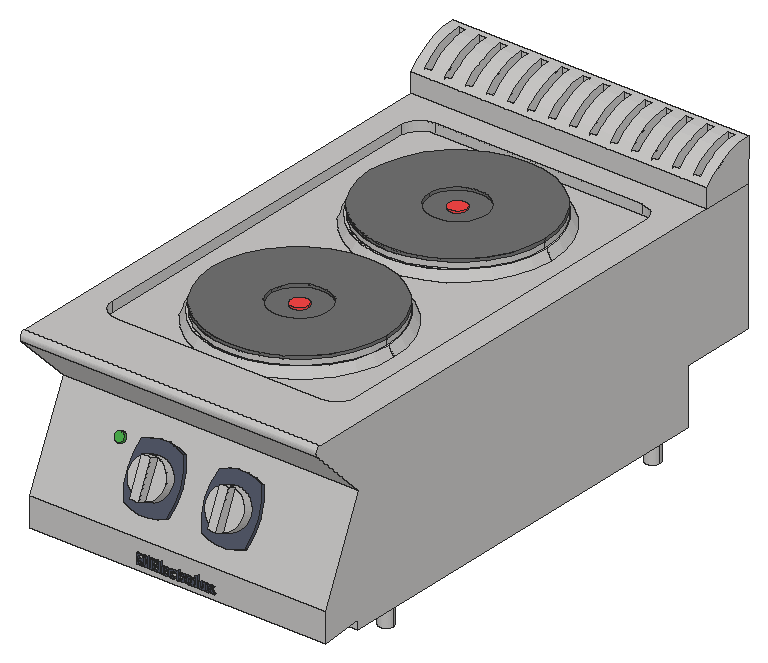
Revit family "QF_ELECTROLUXPROFESSIONAL_371146_E7ECMD2R05", category Specialty Equipment, Revit 2018
Family settings
  Round Connector Dimension = Use Diameter
  Part Type = Normal
  Work Plane-Based = No
  Always vertical = Yes
  Cut with Voids When Loaded = No
  Shared = No
  Room Calculation Point = No
Parameters (values of type "Standard")
  Weight = 20.00 kg
  Watts = 0 W
  Volts = 400 V
  URL Manufacturer = "http://professional.electrolux.com"
  URL = "http://professional.electrolux.com"
  Steam Supply Size = 0"
  Steam Supply Minimum Pressure = 0.00 psi
  Steam Supply Maximum Pressure = 0.00 psi
  Steam Pounds per Hour = 0
  Show Logo [instance] = yes
  Show Clearance [instance] = yes
  Refrigeration Suction Line Size = 0 mm
  Refrigeration Liquid Line Size = 0 mm
  Refrigerant Compressor Remote = yes
  Phase = 3
  Model = "E7ECMD2R05"
  Manufacturer = "Electrolux Professional"
  Length Actual = 400 mm  # constant formula
  Item Number = "371146"
  Hot Water Size = 0"
  Height Actual = 250 mm  # constant formula
  HP = "7 HP"
  Gas Size = 0"
  Gas KW = 0
  Gas Input Pressure = 0.0 Btu/h
  Direct Waste Size = 0"
  Description = "2-HOT PLATE EL.BOILING TOP 400MM-MAR400V"
  Depth Actual = 730 mm  # constant formula
  Cycle = 50 Hz
  Condensate Return Size = 0"
  Compressed Air Volume = 0 GPM
  Compressed Air Size = 0"
  Compressed Air Pressure = 0.00 psi
  Cold Water Size = 0"
  Assembly Code = ""
  Accessory = yes
Reference planes
  plane 1 "BACK": y = 0
  plane 2: z = 0
  plane 3 "LEFT": x = 0
  plane 4 "RIGHT": x = 400.05
  plane 5 "FRONT": y = -730.25
  plane 6 "TOP": z = 288.925
  plane 7 "Center Y": x = 200.025
  plane 8 "Center X": y = -365.125
  plane 9 "BASE": z = 23.813
  plane 10 "TOP A": z = 274.638
  plane 11: y = -597.884
  plane 12: y = -147.637
  plane 13: z = 331.8
Forms (mm)
  Extrusion 1, solid, material "QF_Finishes_Stainless Steel"
    sketch origin (0, 0, 0) x (0, 1, 0) y (0, 0, 1)
      loop
        line (0, 274.638) -> (-722.762, 274.638)
        arc (-722.762, 274.638) -> (-729.591, 270.074) -> (-727.988, 262.019) r 7.392
        line (-727.988, 262.019) -> (-657.416, 191.447) -> (-713.772, 69.003) -> (-713.772, 30.903) -> (-660.4, 36.513) -> (-660.4, 23.812) -> (-101.6, 23.812) -> (-101.6, 98.425) -> (0, 98.425) -> (0, 274.638)
    from 0 to 400.05
  Extrusion 2, solid, material "QF_Finishes_Stainless Steel"
    sketch origin (0, 0, 0) x (1, 0, 0) y (0, 1, 0)
      loop
        circle (11.112, -147.638) r 9.525
      loop
        circle (11.112, -597.884) r 9.525
      loop
        circle (388.937, -147.638) r 9.525
      loop
        circle (388.937, -597.884) r 9.525
    from 0 to 23.813
  Extrusion 3, solid, material "QF_Finishes_Navy Blue", visible <- "Show Logo"
    sketch origin (-141.676, -713.772, 30.903) x (0, 0, 1) y (-1, 0, 0)
      loop
        line (20.674, -296.698) -> (8.307, -296.698)
        arc (8.307, -296.698) -> (14.491, -301.27) -> (20.674, -296.698) r 6.467
      loop
        arc (20.674, -296.069) -> (19.505, -290.926) -> (14.849, -288.448) r 6.338
        line (14.849, -288.448) -> (14.849, -290.494)
        arc (14.849, -290.494) -> (16.333, -294.149) -> (19.778, -296.069) r 5.941
        line (19.778, -296.069) -> (20.674, -296.069)
      loop
        arc (9.203, -296.069) -> (12.648, -294.149) -> (14.132, -290.494) r 5.941
        line (14.132, -290.494) -> (14.132, -288.448)
        arc (14.132, -288.448) -> (9.438, -290.922) -> (8.148, -296.069) r 6.504
        line (8.148, -296.069) -> (9.203, -296.069)
      loop
        line (21.349, -287.979) -> (7.604, -287.979) -> (7.604, -301.742) -> (21.349, -301.742) -> (21.349, -287.979)
      loop
        arc (21.432, -304.71) -> (21.085, -304.352) -> (20.718, -304.69) r 0.358
        arc (20.718, -304.69) -> (20.404, -305.44) -> (19.687, -305.825) r 1.216
        line (19.687, -305.825) -> (9.274, -305.825)
        arc (9.274, -305.825) -> (8.614, -305.548) -> (8.218, -304.951) r 1.238
        arc (8.218, -304.951) -> (7.823, -304.7) -> (7.518, -305.054) r 0.358
        line (7.518, -305.054) -> (7.518, -314.933) -> (10.269, -314.933) -> (10.269, -314.036)
        arc (10.269, -314.036) -> (9.36, -313.456) -> (8.904, -312.479) r 1.928
        line (8.904, -312.479) -> (8.904, -309.98)
        arc (8.904, -309.98) -> (9.18, -309.251) -> (9.868, -308.887) r 1.101
        line (9.868, -308.887) -> (13.955, -308.887) -> (13.955, -312.561)
        arc (13.955, -312.561) -> (13.602, -313.058) -> (13.037, -313.286) r 1.083
        arc (13.037, -313.286) -> (12.773, -313.591) -> (13.065, -313.869) r 0.292
        line (13.065, -313.869) -> (16.028, -313.869)
        arc (16.028, -313.869) -> (16.33, -313.596) -> (16.092, -313.266) r 0.305
        arc (16.092, -313.266) -> (15.601, -313.018) -> (15.296, -312.561) r 1.083
        line (15.296, -312.561) -> (15.296, -308.887) -> (19.973, -308.887) -> (19.973, -312.635)
        arc (19.973, -312.635) -> (19.759, -313.39) -> (19.153, -313.888) r 1.314
        arc (19.153, -313.888) -> (18.934, -314.292) -> (19.288, -314.585) r 0.361
        line (19.288, -314.585) -> (21.432, -314.585) -> (21.432, -304.71)
      loop
        arc (20.715, -315.365) -> (20.335, -316.284) -> (19.416, -316.664) r 1.299
        line (19.416, -316.664) -> (9.837, -316.664)
        arc (9.837, -316.664) -> (8.999, -316.286) -> (8.728, -315.408) r 1.118
        line (8.728, -315.408) -> (7.518, -315.408) -> (7.518, -320.758) -> (8.706, -320.758)
        arc (8.706, -320.758) -> (8.978, -319.841) -> (9.848, -319.445) r 1.153
        line (9.848, -319.445) -> (21.92, -319.445) -> (20.715, -315.365)
      loop
        line (12.483, -323.394) -> (12.483, -329.842) -> (13.282, -329.842)
        arc (13.282, -329.842) -> (15.862, -328.857) -> (17.131, -326.404) r 3.874
        line (17.131, -326.404) -> (17.131, -324.643)
        arc (17.131, -324.643) -> (15.944, -321.778) -> (13.08, -320.592) r 4.051
        line (13.08, -320.592) -> (11.072, -320.592)
        arc (11.072, -320.592) -> (8.253, -322.077) -> (7.202, -325.084) r 4.352
        arc (7.202, -325.084) -> (7.566, -327.547) -> (8.943, -329.621) r 5.713
        line (8.943, -329.621) -> (9.892, -329.621)
        arc (9.892, -329.621) -> (9.16, -328.052) -> (8.943, -326.334) r 5.579
        arc (8.943, -326.334) -> (9.737, -324.371) -> (11.616, -323.394) r 3.057
        line (11.616, -323.394) -> (12.483, -323.394)
      loop
        line (13.742, -323.394) -> (13.742, -326.977)
        arc (13.742, -326.977) -> (15.199, -327.024) -> (16.082, -325.864) r 1.59
        line (16.082, -325.864) -> (16.082, -325.034)
        arc (16.082, -325.034) -> (15.217, -323.779) -> (13.742, -323.394) r 2.184
      loop
        arc (16.533, -339.259) -> (17.022, -337.585) -> (17.179, -335.848) r 9.023
        line (17.179, -335.848) -> (17.179, -334.486)
        arc (17.179, -334.486) -> (16.02, -331.686) -> (13.22, -330.527) r 3.959
        line (13.22, -330.527) -> (10.62, -330.527)
        arc (10.62, -330.527) -> (8.338, -331.819) -> (7.221, -334.192) r 4.331
        line (7.221, -334.192) -> (7.221, -336.327)
        arc (7.221, -336.327) -> (7.729, -337.877) -> (8.651, -339.223) r 5.772
        arc (8.651, -339.223) -> (9.412, -339.274) -> (9.499, -338.515) r 0.553
        arc (9.499, -338.515) -> (9.111, -337.781) -> (8.977, -336.962) r 2.573
        line (8.977, -336.962) -> (8.977, -335.447)
        arc (8.977, -335.447) -> (9.983, -333.806) -> (11.798, -333.163) r 2.884
        line (11.798, -333.163) -> (13.077, -333.163)
        arc (13.077, -333.163) -> (14.898, -333.723) -> (15.824, -335.388) r 2.554
        line (15.824, -335.388) -> (15.824, -336.441)
        arc (15.824, -336.441) -> (15.493, -337.369) -> (14.836, -338.104) r 2.564
        arc (14.836, -338.104) -> (14.614, -338.821) -> (15.223, -339.259) r 0.643
        line (15.223, -339.259) -> (16.533, -339.259)
      loop
        line (15.515, -339.53) -> (15.515, -341.031) -> (9.467, -341.031)
        arc (9.467, -341.031) -> (7.879, -341.688) -> (7.221, -343.276) r 2.246
        line (7.221, -343.276) -> (7.221, -344.86)
        arc (7.221, -344.86) -> (7.535, -345.725) -> (8.035, -346.496) r 4.06
        arc (8.035, -346.496) -> (8.768, -346.629) -> (9.019, -345.928) r 0.576
        arc (9.019, -345.928) -> (8.913, -345.403) -> (8.977, -344.87) r 1.69
        arc (8.977, -344.87) -> (9.519, -344.082) -> (10.425, -343.779) r 1.506
        line (10.425, -343.779) -> (15.563, -343.779) -> (15.563, -346.176) -> (16.119, -346.733) -> (16.941, -346.733) -> (16.941, -343.873) -> (20.172, -343.873) -> (15.515, -339.53)
      loop
        line (7.438, -347.63) -> (7.438, -353.017) -> (8.548, -353.017)
        arc (8.548, -353.017) -> (8.942, -352.066) -> (9.893, -351.672) r 1.345
        line (9.893, -351.672) -> (13.509, -351.672)
        arc (13.509, -351.672) -> (14.274, -352.264) -> (14.564, -353.186) r 1.615
        line (14.564, -353.186) -> (14.564, -354.742) -> (17.119, -355.427) -> (17.119, -354.044) -> (15.177, -351.485) -> (17.057, -351.485) -> (16.773, -348.779)
        arc (16.773, -348.779) -> (16.333, -348.249) -> (15.674, -348.45) r 0.621
        arc (15.674, -348.45) -> (15.274, -348.792) -> (14.78, -348.975) r 1.501
        line (14.78, -348.975) -> (9.893, -348.975)
        arc (9.893, -348.975) -> (8.942, -348.581) -> (8.548, -347.63) r 1.345
        line (8.548, -347.63) -> (7.438, -347.63)
      loop
        line (13.54, -354.964) -> (10.848, -354.964)
        arc (10.848, -354.964) -> (8.403, -356.272) -> (7.269, -358.803) r 4.288
        arc (7.269, -358.803) -> (7.205, -360.183) -> (7.269, -361.563) r 15.022
        arc (7.269, -361.563) -> (8.403, -364.094) -> (10.848, -365.401) r 4.288
        line (10.848, -365.401) -> (13.54, -365.401)
        arc (13.54, -365.401) -> (15.986, -364.094) -> (17.119, -361.563) r 4.288
        arc (17.119, -361.563) -> (17.183, -360.183) -> (17.119, -358.803) r 15.022
        arc (17.119, -358.803) -> (15.986, -356.272) -> (13.54, -354.964) r 4.288
      loop
        line (13.745, -358.078) -> (10.643, -358.078)
        arc (10.643, -358.078) -> (8.486, -360.235) -> (10.643, -362.392) r 2.157
        line (10.643, -362.392) -> (13.745, -362.392)
        arc (13.745, -362.392) -> (15.902, -360.235) -> (13.745, -358.078) r 2.157
      loop
        arc (20.726, -365.26) -> (20.355, -366.154) -> (19.461, -366.524) r 1.264
        line (19.461, -366.524) -> (9.597, -366.524)
        arc (9.597, -366.524) -> (8.727, -366.127) -> (8.455, -365.211) r 1.153
        line (8.455, -365.211) -> (7.518, -365.211) -> (7.518, -370.319) -> (8.446, -370.319)
        arc (8.446, -370.319) -> (8.805, -369.547) -> (9.597, -369.232) r 1.153
        line (9.597, -369.232) -> (21.92, -369.232) -> (20.726, -365.26)
      loop
        arc (15.846, -369.857) -> (15.647, -370.921) -> (14.678, -371.403) r 1.215
        line (14.678, -371.403) -> (9.658, -371.403)
        arc (9.658, -371.403) -> (8.043, -372.051) -> (7.322, -373.634) r 2.338
        line (7.322, -373.634) -> (7.322, -375.148)
        arc (7.322, -375.148) -> (7.497, -376.152) -> (7.999, -377.038) r 2.979
        line (7.999, -377.038) -> (7.518, -378.835) -> (7.518, -380.524) -> (16.943, -380.524) -> (16.649, -376.32) -> (15.863, -376.32)
        arc (15.863, -376.32) -> (15.507, -377.156) -> (14.755, -377.665) r 1.605
        line (14.755, -377.665) -> (9.652, -377.665)
        arc (9.652, -377.665) -> (9.232, -376.728) -> (9.159, -375.704) r 2.94
        arc (9.159, -375.704) -> (9.72, -374.603) -> (10.873, -374.16) r 1.724
        line (10.873, -374.16) -> (17.07, -374.16) -> (15.846, -369.857)
      loop
        line (16.874, -381.377) -> (15.202, -383.423) -> (12.028, -385.729) -> (8.572, -382.617)
        arc (8.572, -382.617) -> (8.335, -382.223) -> (8.357, -381.764) r 0.789
        line (8.357, -381.764) -> (7.518, -381.764) -> (7.518, -385.309) -> (8.344, -385.309)
        arc (8.344, -385.309) -> (8.686, -384.947) -> (9.176, -385.039) r 0.52
        line (9.176, -385.039) -> (10.976, -386.51) -> (8.858, -387.886)
        arc (8.858, -387.886) -> (8.457, -387.576) -> (8.37, -387.076) r 0.7
        line (8.37, -387.076) -> (7.518, -387.076) -> (7.518, -393.003) -> (8.405, -393.003)
        arc (8.405, -393.003) -> (8.472, -392.344) -> (8.866, -391.813) r 1.247
        line (8.866, -391.813) -> (13.066, -388.532) -> (15.513, -390.585) -> (16.874, -392.327) -> (16.874, -388.604) -> (15.389, -389.026) -> (13.868, -387.749) -> (15.568, -386.559) -> (16.874, -387.336) -> (16.874, -381.377)
    from 0 to 1.644
  Extrusion 4, solid, material "QF_Finishes_Stainless Steel"
    sketch origin (0, -101.6, 101.6) x (0, 0, -1) y (-1, 0, 0)
      loop
        circle (41.275, -347.663) r 12.7
    from 0 to 3.175
  Extrusion 5, solid, material "QF_Finishes_Clearance", visible <- "Show Clearance", detail levels coarse
    sketch origin (0, 0, 0) x (1, 0, 0) y (0, 1, 0)
      loop
        line (0, -730.25) -> (0, 0) -> (400.05, 0) -> (400.05, -730.25) -> (550.069, -730.25) -> (550.069, 150.019) -> (-150.019, 150.019) -> (-150.019, -730.25) -> (0, -730.25)
    from 0 to 331.8
  Extrusion 6, solid, material "QF_Finishes_Stainless Steel"
    sketch origin (0, 0, 0) x (0, 1, 0) y (0, 0, 1)
      loop
        line (0, 274.638) -> (0, 331.8)
        arc (0, 331.8) -> (-38.462, 323.697) -> (-69.85, 300.038) r 90.405
        line (-69.85, 300.038) -> (-69.85, 274.638) -> (0, 274.638)
    from 0 to 400.05
  Extrusion 7, void
    sketch origin (0, 0, 274.638) x (-1, 0, 0) y (0, -1, 0)
      loop
        line (-13.453, 6.761) -> (-13.453, 63.911) -> (-22.749, 63.911) -> (-22.749, 6.761) -> (-13.453, 6.761)
    from 25.4 to 63.5
  Extrusion 8, void
    sketch origin (400.05, 0, 274.638) x (1, 0, 0) y (0, 1, 0)
      loop
        line (-13.453, -6.761) -> (-22.749, -6.761) -> (-22.749, -63.911) -> (-13.453, -63.911) -> (-13.453, -6.761)
    from 25.4 to 63.5
  Extrusion 9, void
    sketch origin (27.988, 0, 274.638) x (-1, 0, 0) y (0, -1, 0)
      loop
        line (-13.453, 6.761) -> (-13.453, 63.911) -> (-22.749, 63.911) -> (-22.749, 6.761) -> (-13.453, 6.761)
    from 25.4 to 63.5
  Extrusion 10, void
    sketch origin (55.977, 0, 274.638) x (-1, 0, 0) y (0, -1, 0)
      loop
        line (-13.453, 6.761) -> (-13.453, 63.911) -> (-22.749, 63.911) -> (-22.749, 6.761) -> (-13.453, 6.761)
    from 25.4 to 63.5
  Extrusion 11, void
    sketch origin (83.965, 0, 274.638) x (-1, 0, 0) y (0, -1, 0)
      loop
        line (-13.453, 6.761) -> (-13.453, 63.911) -> (-22.749, 63.911) -> (-22.749, 6.761) -> (-13.453, 6.761)
    from 25.4 to 63.5
  Extrusion 12, void
    sketch origin (111.953, 0, 274.638) x (-1, 0, 0) y (0, -1, 0)
      loop
        line (-13.453, 6.761) -> (-13.453, 63.911) -> (-22.749, 63.911) -> (-22.749, 6.761) -> (-13.453, 6.761)
    from 25.4 to 63.5
  Extrusion 13, void
    sketch origin (139.942, 0, 274.638) x (-1, 0, 0) y (0, -1, 0)
      loop
        line (-13.453, 6.761) -> (-13.453, 63.911) -> (-22.749, 63.911) -> (-22.749, 6.761) -> (-13.453, 6.761)
    from 25.4 to 63.5
  Extrusion 14, void
    sketch origin (167.93, 0, 274.638) x (-1, 0, 0) y (0, -1, 0)
      loop
        line (-13.453, 6.761) -> (-13.453, 63.911) -> (-22.749, 63.911) -> (-22.749, 6.761) -> (-13.453, 6.761)
    from 25.4 to 63.5
  Extrusion 15, void
    sketch origin (195.918, 0, 274.638) x (-1, 0, 0) y (0, -1, 0)
      loop
        line (-13.453, 6.761) -> (-13.453, 63.911) -> (-22.749, 63.911) -> (-22.749, 6.761) -> (-13.453, 6.761)
    from 25.4 to 63.5
  Extrusion 16, void
    sketch origin (223.907, 0, 274.638) x (-1, 0, 0) y (0, -1, 0)
      loop
        line (-13.453, 6.761) -> (-13.453, 63.911) -> (-22.749, 63.911) -> (-22.749, 6.761) -> (-13.453, 6.761)
    from 25.4 to 63.5
  Extrusion 17, void
    sketch origin (251.895, 0, 274.638) x (-1, 0, 0) y (0, -1, 0)
      loop
        line (-13.453, 6.761) -> (-13.453, 63.911) -> (-22.749, 63.911) -> (-22.749, 6.761) -> (-13.453, 6.761)
    from 25.4 to 63.5
  Extrusion 18, void
    sketch origin (279.884, 0, 274.638) x (-1, 0, 0) y (0, -1, 0)
      loop
        line (-13.453, 6.761) -> (-13.453, 63.911) -> (-22.749, 63.911) -> (-22.749, 6.761) -> (-13.453, 6.761)
    from 25.4 to 63.5
  Extrusion 19, void
    sketch origin (307.872, 0, 274.638) x (-1, 0, 0) y (0, -1, 0)
      loop
        line (-13.453, 6.761) -> (-13.453, 63.911) -> (-22.749, 63.911) -> (-22.749, 6.761) -> (-13.453, 6.761)
    from 25.4 to 63.5
  Extrusion 20, void
    sketch origin (335.86, 0, 274.638) x (-1, 0, 0) y (0, -1, 0)
      loop
        line (-13.453, 6.761) -> (-13.453, 63.911) -> (-22.749, 63.911) -> (-22.749, 6.761) -> (-13.453, 6.761)
    from 25.4 to 63.5
  Extrusion 21, solid, material "QF_Finishes_Navy Blue"
    sketch origin (-13.506, -713.772, 69.003) x (0, 0.418102, 0.9084) y (-1, 0, 0)
      loop
        arc (102.623, -132.62) -> (67.041, -124.996) -> (31.333, -132.003) r 90.5
        arc (31.333, -132.003) -> (24.507, -161.19) -> (31.333, -190.378) r 65.817
        arc (31.333, -190.378) -> (67.04, -197.338) -> (102.623, -189.765) r 91.066
        arc (102.623, -189.765) -> (109.179, -161.193) -> (102.623, -132.62) r 65.546
    from 0 to 3.175
  Extrusion 22, solid, material "QF_Finishes_Stainless Steel"
    sketch origin (-13.506, -717.485, 68.529) x (0, 0.418102, 0.9084) y (-1, 0, 0)
      loop
        circle (68.826, -160.963) r 25.4
    from 0 to 12.7
  Extrusion 23, solid, material "QF_Finishes_Stainless Steel"
    sketch origin (-13.506, -729.022, 73.839) x (0, 0.418102, 0.9084) y (-1, 0, 0)
      loop
        arc (93.558, -166.749) -> (94.226, -160.963) -> (93.558, -155.177) r 25.4
        line (93.558, -155.177) -> (44.094, -155.177)
        arc (44.094, -155.177) -> (43.426, -160.963) -> (44.094, -166.749) r 25.4
        line (44.094, -166.749) -> (93.558, -166.749)
    from 0 to 12.7
  Extrusion 24, solid, material "QF_Finishes_Green"
    sketch origin (0.781, -713.772, 69.003) x (0, 0.418102, 0.9084) y (-1, 0, 0)
      loop
        circle (95.112, -90.848) r 6.35
    from 0 to 3.175
  Extrusion 25, void
    sketch origin (0, 0, 274.638) x (1, 0, 0) y (0, -1, 0)
      loop
        line (60.425, 104.885) -> (339.625, 104.885)
        arc (339.625, 104.885) -> (357.586, 112.324) -> (365.025, 130.285) r 25.4
        line (365.025, 130.285) -> (365.025, 619.485)
        arc (365.025, 619.485) -> (357.586, 637.445) -> (339.625, 644.885) r 25.4
        line (339.625, 644.885) -> (60.425, 644.885)
        arc (60.425, 644.885) -> (42.464, 637.445) -> (35.025, 619.485) r 25.4
        line (35.025, 619.485) -> (35.025, 130.285)
        arc (35.025, 130.285) -> (42.464, 112.324) -> (60.425, 104.885) r 25.4
    from 0 to 12.7
  Extrusion 26, solid, material "QF_Finishes_Navy Blue"
    sketch origin (91.63, -713.772, 69.003) x (0, 0.418102, 0.9084) y (-1, 0, 0)
      loop
        arc (102.623, -132.62) -> (67.041, -124.996) -> (31.333, -132.003) r 90.5
        arc (31.333, -132.003) -> (24.507, -161.19) -> (31.333, -190.378) r 65.817
        arc (31.333, -190.378) -> (67.04, -197.338) -> (102.623, -189.765) r 91.066
        arc (102.623, -189.765) -> (109.179, -161.193) -> (102.623, -132.62) r 65.546
    from 0 to 3.175
  Extrusion 27, solid, material "QF_Finishes_Stainless Steel"
    sketch origin (91.63, -717.485, 68.529) x (0, 0.418102, 0.9084) y (-1, 0, 0)
      loop
        circle (68.826, -160.963) r 25.4
    from 0 to 12.7
  Extrusion 28, solid, material "QF_Finishes_Stainless Steel"
    sketch origin (91.63, -729.022, 73.839) x (0, 0.418102, 0.9084) y (-1, 0, 0)
      loop
        arc (93.558, -166.749) -> (94.226, -160.963) -> (93.558, -155.177) r 25.4
        line (93.558, -155.177) -> (44.094, -155.177)
        arc (44.094, -155.177) -> (43.426, -160.963) -> (44.094, -166.749) r 25.4
        line (44.094, -166.749) -> (93.558, -166.749)
    from 0 to 12.7
Cuts and joins
  Extrusion 7, Extrusion 8, Extrusion 9, Extrusion 10, Extrusion 11, Extrusion 12, Extrusion 13, Extrusion 14, Extrusion 15, Extrusion 16, Extrusion 17, Extrusion 18, Extrusion 19, Extrusion 20 cuts Extrusion 6
  Extrusion 25 cuts Extrusion 1
Lines and regions (mm)
  symbolic lines, style "QF-Clearances", visible <- "Show Clearance", detail levels coarse
    curve 1: line (550.069, 150.019, 274.638) -> (-150.019, 150.019, 274.638)
    curve 2: line (550.069, -731.627, 274.638) -> (550.069, 150.019, 274.638)
    curve 3: line (-150.019, 150.019, 274.638) -> (-150.019, -730.25, 274.638)
    curve 4: line (550.069, 150.019, 274.638) -> (-150.019, 150.019, 274.638)
    curve 5: line (550.069, -730.25, 274.638) -> (550.069, 150.019, 274.638)
  symbolic lines
    curve 6: line (0, 0, 274.638) -> (400.05, 0, 274.638)
    curve 7: line (0, -730.25, 274.638) -> (0, 0, 274.638)
    curve 8: line (400.05, 0, 274.638) -> (400.05, -730.25, 274.638)
    curve 9: line (0, -69.85, 274.638) -> (400.05, -69.85, 274.638)
    curve 10: line (13.453, -6.761, 274.638) -> (22.749, -6.761, 274.638)
    curve 11: line (13.453, -63.911, 274.638) -> (13.453, -6.761, 274.638)
    curve 12: line (22.749, -63.911, 274.638) -> (13.453, -63.911, 274.638)
    curve 13: line (22.749, -6.761, 274.638) -> (22.749, -63.911, 274.638)
    curve 14: line (41.441, -6.761, 274.638) -> (50.737, -6.761, 274.638)
    curve 15: line (41.441, -63.911, 274.638) -> (41.441, -6.761, 274.638)
    curve 16: line (50.737, -63.911, 274.638) -> (41.441, -63.911, 274.638)
    curve 17: line (50.737, -6.761, 274.638) -> (50.737, -63.911, 274.638)
    curve 18: line (69.43, -6.761, 274.638) -> (78.725, -6.761, 274.638)
    curve 19: line (69.43, -63.911, 274.638) -> (69.43, -6.761, 274.638)
    curve 20: line (78.725, -63.911, 274.638) -> (69.43, -63.911, 274.638)
    curve 21: line (78.725, -6.761, 274.638) -> (78.725, -63.911, 274.638)
    curve 22: line (97.418, -6.761, 274.638) -> (106.714, -6.761, 274.638)
    curve 23: line (97.418, -63.911, 274.638) -> (97.418, -6.761, 274.638)
    curve 24: line (106.714, -63.911, 274.638) -> (97.418, -63.911, 274.638)
    curve 25: line (106.714, -6.761, 274.638) -> (106.714, -63.911, 274.638)
    curve 26: line (125.406, -6.761, 274.638) -> (134.702, -6.761, 274.638)
    curve 27: line (125.406, -63.911, 274.638) -> (125.406, -6.761, 274.638)
    curve 28: line (134.702, -63.911, 274.638) -> (125.406, -63.911, 274.638)
    curve 29: line (134.702, -6.761, 274.638) -> (134.702, -63.911, 274.638)
    curve 30: line (153.395, -6.761, 274.638) -> (162.69, -6.761, 274.638)
    curve 31: line (153.395, -63.911, 274.638) -> (153.395, -6.761, 274.638)
    curve 32: line (162.69, -63.911, 274.638) -> (153.395, -63.911, 274.638)
    curve 33: line (162.69, -6.761, 274.638) -> (162.69, -63.911, 274.638)
    curve 34: line (181.383, -6.761, 274.638) -> (190.679, -6.761, 274.638)
    curve 35: line (181.383, -63.911, 274.638) -> (181.383, -6.761, 274.638)
    curve 36: line (190.679, -63.911, 274.638) -> (181.383, -63.911, 274.638)
    curve 37: line (190.679, -6.761, 274.638) -> (190.679, -63.911, 274.638)
    curve 38: line (209.371, -6.761, 274.638) -> (218.667, -6.761, 274.638)
    curve 39: line (209.371, -63.911, 274.638) -> (209.371, -6.761, 274.638)
    curve 40: line (218.667, -63.911, 274.638) -> (209.371, -63.911, 274.638)
    curve 41: line (218.667, -6.761, 274.638) -> (218.667, -63.911, 274.638)
    curve 42: line (237.36, -6.761, 274.638) -> (246.655, -6.761, 274.638)
    curve 43: line (237.36, -63.911, 274.638) -> (237.36, -6.761, 274.638)
    curve 44: line (246.655, -63.911, 274.638) -> (237.36, -63.911, 274.638)
    curve 45: line (246.655, -6.761, 274.638) -> (246.655, -63.911, 274.638)
    curve 46: line (265.348, -6.761, 274.638) -> (274.644, -6.761, 274.638)
    curve 47: line (265.348, -63.911, 274.638) -> (265.348, -6.761, 274.638)
    curve 48: line (274.644, -63.911, 274.638) -> (265.348, -63.911, 274.638)
    curve 49: line (274.644, -6.761, 274.638) -> (274.644, -63.911, 274.638)
    curve 50: line (293.336, -6.761, 274.638) -> (302.632, -6.761, 274.638)
    curve 51: line (293.336, -63.911, 274.638) -> (293.336, -6.761, 274.638)
    curve 52: line (302.632, -63.911, 274.638) -> (293.336, -63.911, 274.638)
    curve 53: line (302.632, -6.761, 274.638) -> (302.632, -63.911, 274.638)
    curve 54: line (321.325, -6.761, 274.638) -> (330.62, -6.761, 274.638)
    curve 55: line (321.325, -63.911, 274.638) -> (321.325, -6.761, 274.638)
    curve 56: line (330.62, -63.911, 274.638) -> (321.325, -63.911, 274.638)
    curve 57: line (330.62, -6.761, 274.638) -> (330.62, -63.911, 274.638)
    curve 58: line (349.313, -6.761, 274.638) -> (358.609, -6.761, 274.638)
    curve 59: line (349.313, -63.911, 274.638) -> (349.313, -6.761, 274.638)
    curve 60: line (358.609, -63.911, 274.638) -> (349.313, -63.911, 274.638)
    curve 61: line (358.609, -6.761, 274.638) -> (358.609, -63.911, 274.638)
    curve 62: line (377.301, -6.761, 274.638) -> (386.597, -6.761, 274.638)
    curve 63: line (377.301, -63.911, 274.638) -> (377.301, -6.761, 274.638)
    curve 64: line (386.597, -63.911, 274.638) -> (377.301, -63.911, 274.638)
    curve 65: line (386.597, -6.761, 274.638) -> (386.597, -63.911, 274.638)
    curve 66: line (400.05, -730.25, 274.638) -> (0, -730.25, 274.638)
    curve 67: line (35.025, -619.485, 0) -> (35.025, -130.285, 0)
    curve 68: arc (35.025, -130.285, 0) -> (42.464, -112.324, 0) -> (60.425, -104.885, 0) r 25.4
    curve 69: line (60.425, -104.885, 0) -> (339.625, -104.885, 0)
    curve 70: arc (339.625, -104.885, 0) -> (357.586, -112.324, 0) -> (365.025, -130.285, 0) r 25.4
    curve 71: line (365.025, -130.285, 0) -> (365.025, -619.485, 0)
    curve 72: arc (365.025, -619.485, 0) -> (357.586, -637.445, 0) -> (339.625, -644.885, 0) r 25.4
    curve 73: line (339.625, -644.885, 0) -> (60.425, -644.885, 0)
    curve 74: arc (60.425, -644.885, 0) -> (42.464, -637.445, 0) -> (35.025, -619.485, 0) r 25.4
Dimensions and locks
  equal spacing: plane 3 "LEFT", plane 7 "Center Y", plane 4 "RIGHT"
  plane 3 "LEFT" to plane 4 "RIGHT" = 400.05 mm
  equal spacing: plane 5 "FRONT", plane 8 "Center X", plane 1 "BACK"
  plane 5 "FRONT" to plane 1 "BACK" = 730.25 mm
  plane 1 "BACK" to plane 5 "FRONT" = 730.25 mm
  plane 9 "BASE" to level = 23.812 mm
  locked: plane 10 "TOP A" to plane 9 "BASE" at 250.825
  plane 10 "TOP A" to plane 9 "BASE" = 250.825 mm
  plane 9 "BASE" to level = 23.813 mm
  plane 4 "RIGHT" to Extrusion 4 sketch curve = 52.388 mm
  plane 13 to level = 331.8 mm
  Extrusion 4 sketch curve to plane 9 "BASE" = 36.513 mm
  aligned and locked: level to plane 2
Automatic sketch dimensions
  plane 4 "RIGHT" to curve 2 = 150.019 mm
  curve 1 to plane 3 "LEFT" = 150.019 mm
  curve 1 to plane 1 "BACK" = 150.019 mm
  plane 5 "FRONT" to curve 2 = 1.377 mm
  Extrusion 1 sketch curve to plane 10 "TOP A" = 0 mm
  Extrusion 1 sketch curve to plane 9 "BASE" = 0 mm
  Extrusion 1 sketch curve to plane 1 "BACK" = 0 mm
  Extrusion 1 sketch curve to plane 12 = 46.038 mm
  plane 11 to Extrusion 1 sketch curve = 59.531 mm
  plane 9 "BASE" to Extrusion 1 sketch curve = 12.7 mm
  plane 11 to Extrusion 1 sketch curve = 62.516 mm
  Extrusion 1 sketch curve to plane 5 "FRONT" = 16.478 mm
  Extrusion 1 sketch curve to plane 5 "FRONT" = 7.488 mm
  Extrusion 1 sketch curve to plane 5 "FRONT" = 2.262 mm
  plane 9 "BASE" to Extrusion 1 sketch curve = 7.09 mm
  Extrusion 1 sketch curve to Extrusion 1 sketch curve = 38.1 mm
  plane 9 "BASE" to Extrusion 1 sketch curve = 74.612 mm
  Extrusion 1 sketch curve to plane 10 "TOP A" = 83.191 mm
  Extrusion 1 sketch curve to plane 10 "TOP A" = 12.619 mm
  plane 11 to Extrusion 2 sketch curve = 0 mm  (x2)
  plane 12 to Extrusion 2 sketch curve = 0 mm  (x2)
  plane 3 "LEFT" to Extrusion 2 sketch curve = 11.112 mm  (x2)
  Extrusion 2 sketch curve to plane 4 "RIGHT" = 11.113 mm  (x2)
  Extrusion 3 sketch curve to Extrusion 1 = 2.161 mm
  Extrusion 3 sketch curve to Extrusion 1 = 7.202 mm
  Extrusion 3 sketch curve to Extrusion 1 = 7.221 mm  (x2)
  Extrusion 3 sketch curve to Extrusion 3 sketch curve = 5.108 mm  (x2)
  Extrusion 3 sketch curve to Extrusion 3 sketch curve = 0 mm  (x27)
  Extrusion 3 sketch curve to Extrusion 1 = 7.322 mm
  Extrusion 3 sketch curve to Extrusion 3 sketch curve = 0.218 mm
  Extrusion 3 sketch curve to Extrusion 3 sketch curve = 0.195 mm
  Extrusion 3 sketch curve to Extrusion 3 sketch curve = 0.249 mm
  Extrusion 3 sketch curve to Extrusion 1 = 7.518 mm
  Extrusion 3 sketch curve to Extrusion 3 sketch curve = 0.087 mm
  Extrusion 3 sketch curve to Extrusion 3 sketch curve = 0.358 mm
  Extrusion 3 sketch curve to Extrusion 3 sketch curve = 0.481 mm
  Extrusion 3 sketch curve to Extrusion 3 sketch curve = 0.597 mm
  Extrusion 3 sketch curve to Extrusion 3 sketch curve = 0.544 mm
  Extrusion 3 sketch curve to Extrusion 3 sketch curve = 0.936 mm
  Extrusion 3 sketch curve to Extrusion 3 sketch curve = 0.594 mm
  Extrusion 3 sketch curve to Extrusion 3 sketch curve = 0.343 mm
  Extrusion 3 sketch curve to Extrusion 3 sketch curve = 0.159 mm
  Extrusion 3 sketch curve to Extrusion 3 sketch curve = 0.826 mm
  Extrusion 3 sketch curve to Extrusion 3 sketch curve = 0.839 mm
  Extrusion 3 sketch curve to Extrusion 3 sketch curve = 0.852 mm
  Extrusion 3 sketch curve to Extrusion 3 sketch curve = 0.887 mm
  Extrusion 3 sketch curve to Extrusion 3 sketch curve = 0.928 mm
  Extrusion 3 sketch curve to Extrusion 3 sketch curve = 0.938 mm
  Extrusion 3 sketch curve to Extrusion 3 sketch curve = 0.444 mm
  Extrusion 3 sketch curve to Extrusion 3 sketch curve = 1.11 mm  (x3)
  Extrusion 3 sketch curve to Extrusion 3 sketch curve = 0.215 mm
  Extrusion 3 sketch curve to Extrusion 3 sketch curve = 1.43 mm
  Extrusion 3 sketch curve to Extrusion 3 sketch curve = 1.188 mm
  Extrusion 3 sketch curve to Extrusion 3 sketch curve = 1.21 mm  (x2)
  Extrusion 3 sketch curve to Extrusion 3 sketch curve = 0.503 mm
  Extrusion 3 sketch curve to Extrusion 3 sketch curve = 0.488 mm
  Extrusion 3 sketch curve to Extrusion 3 sketch curve = 0.462 mm
  Extrusion 3 sketch curve to Extrusion 3 sketch curve = 1.386 mm
  Extrusion 3 sketch curve to Extrusion 3 sketch curve = 1.742 mm  (x2)
  Extrusion 3 sketch curve to Extrusion 3 sketch curve = 0.821 mm
  Extrusion 3 sketch curve to Extrusion 3 sketch curve = 0.497 mm
  Extrusion 3 sketch curve to Extrusion 3 sketch curve = 0.539 mm
  Extrusion 3 sketch curve to Extrusion 3 sketch curve = 0.686 mm
  Extrusion 3 sketch curve to Extrusion 3 sketch curve = 0.408 mm
  Extrusion 3 sketch curve to Extrusion 3 sketch curve = 0.743 mm
  Extrusion 3 sketch curve to Extrusion 3 sketch curve = 1.16 mm
  Extrusion 3 sketch curve to Extrusion 3 sketch curve = 0.329 mm
  Extrusion 3 sketch curve to Extrusion 3 sketch curve = 1.054 mm
  Extrusion 3 sketch curve to Extrusion 3 sketch curve = 1.056 mm
  Extrusion 3 sketch curve to Extrusion 3 sketch curve = 0.129 mm
  Extrusion 3 sketch curve to Extrusion 3 sketch curve = 0.489 mm
  Extrusion 3 sketch curve to Extrusion 3 sketch curve = 0.441 mm
  Extrusion 3 sketch curve to Extrusion 3 sketch curve = 1.151 mm
  Extrusion 3 sketch curve to Extrusion 3 sketch curve = 1.141 mm  (x2)
  Extrusion 3 sketch curve to Extrusion 3 sketch curve = 0.768 mm
  Extrusion 3 sketch curve to Extrusion 3 sketch curve = 1.653 mm
  Extrusion 3 sketch curve to Extrusion 3 sketch curve = 0.499 mm
  Extrusion 3 sketch curve to Extrusion 3 sketch curve = 0.964 mm
  Extrusion 3 sketch curve to Extrusion 3 sketch curve = 0.949 mm
  Extrusion 3 sketch curve to Extrusion 3 sketch curve = 1.345 mm  (x3)
  Extrusion 3 sketch curve to Extrusion 3 sketch curve = 1.101 mm
  Extrusion 3 sketch curve to Extrusion 3 sketch curve = 0.432 mm
  Extrusion 3 sketch curve to Extrusion 3 sketch curve = 1.142 mm
  Extrusion 3 sketch curve to Extrusion 3 sketch curve = 0.959 mm
  Extrusion 3 sketch curve to Extrusion 3 sketch curve = 0.176 mm
  Extrusion 3 sketch curve to Extrusion 3 sketch curve = 0.728 mm
  Extrusion 3 sketch curve to Extrusion 3 sketch curve = 3.375 mm  (x2)
  Extrusion 3 sketch curve to Extrusion 3 sketch curve = 0.541 mm
  Extrusion 3 sketch curve to Extrusion 3 sketch curve = 0.955 mm
  Extrusion 3 sketch curve to Extrusion 3 sketch curve = 1.251 mm
  Extrusion 3 sketch curve to Extrusion 3 sketch curve = 0.572 mm
  Extrusion 3 sketch curve to Extrusion 3 sketch curve = 1.92 mm
  Extrusion 3 sketch curve to Extrusion 3 sketch curve = 1.224 mm
  Extrusion 3 sketch curve to Extrusion 3 sketch curve = 0.745 mm
  Extrusion 3 sketch curve to Extrusion 3 sketch curve = 2.537 mm
  Extrusion 3 sketch curve to Extrusion 3 sketch curve = 0.896 mm  (x3)
  Extrusion 3 sketch curve to Extrusion 3 sketch curve = 0.036 mm
  Extrusion 3 sketch curve to Extrusion 3 sketch curve = 2.607 mm
  Extrusion 3 sketch curve to Extrusion 3 sketch curve = 0.066 mm
  Extrusion 3 sketch curve to Extrusion 3 sketch curve = 0.248 mm
  Extrusion 3 sketch curve to Extrusion 3 sketch curve = 0.449 mm
  Extrusion 3 sketch curve to Extrusion 3 sketch curve = 1.052 mm
  Extrusion 3 sketch curve to Extrusion 3 sketch curve = 1.863 mm
  Extrusion 3 sketch curve to Extrusion 3 sketch curve = 1.31 mm  (x2)
  Extrusion 3 sketch curve to Extrusion 3 sketch curve = 0.901 mm
  Extrusion 3 sketch curve to Extrusion 3 sketch curve = 1.107 mm
  Extrusion 3 sketch curve to Extrusion 3 sketch curve = 2.122 mm
  Extrusion 3 sketch curve to Extrusion 3 sketch curve = 2.101 mm
  Extrusion 3 sketch curve to Extrusion 3 sketch curve = 0.106 mm
  Extrusion 3 sketch curve to Extrusion 3 sketch curve = 0.029 mm
  Extrusion 3 sketch curve to Extrusion 3 sketch curve = 2.09 mm
  Extrusion 3 sketch curve to Extrusion 3 sketch curve = 1.279 mm
  Extrusion 3 sketch curve to Extrusion 3 sketch curve = 2.008 mm
  Extrusion 3 sketch curve to Extrusion 3 sketch curve = 0.738 mm
  Extrusion 3 sketch curve to Extrusion 3 sketch curve = 0.382 mm
  Extrusion 3 sketch curve to Extrusion 3 sketch curve = 0.384 mm
  Extrusion 3 sketch curve to Extrusion 3 sketch curve = 0.002 mm
  Extrusion 3 sketch curve to Extrusion 3 sketch curve = 0.561 mm
  Extrusion 3 sketch curve to Extrusion 3 sketch curve = 0.592 mm
  Extrusion 3 sketch curve to Extrusion 3 sketch curve = 2.692 mm
  Extrusion 3 sketch curve to Extrusion 3 sketch curve = 1.259 mm
  Extrusion 3 sketch curve to Extrusion 3 sketch curve = 0.802 mm
  Extrusion 3 sketch curve to Extrusion 3 sketch curve = 1.024 mm
  Extrusion 3 sketch curve to Extrusion 3 sketch curve = 0.682 mm
  Extrusion 3 sketch curve to Extrusion 3 sketch curve = 5.934 mm
  Extrusion 3 sketch curve to Extrusion 3 sketch curve = 2.186 mm
  Extrusion 3 sketch curve to Extrusion 3 sketch curve = 0.337 mm
  Extrusion 3 sketch curve to Extrusion 3 sketch curve = 0.021 mm
  Extrusion 3 sketch curve to Extrusion 3 sketch curve = 1.005 mm
  Extrusion 3 sketch curve to Extrusion 3 sketch curve = 0.552 mm
  Extrusion 3 sketch curve to Extrusion 3 sketch curve = 0.778 mm
  Extrusion 3 sketch curve to Extrusion 3 sketch curve = 0.063 mm
  Extrusion 3 sketch curve to Extrusion 3 sketch curve = 1.023 mm
  Extrusion 3 sketch curve to Extrusion 3 sketch curve = 3.804 mm
  Extrusion 3 sketch curve to Extrusion 3 sketch curve = 0.486 mm
  Extrusion 3 sketch curve to Extrusion 3 sketch curve = 0.266 mm
  Extrusion 3 sketch curve to Extrusion 3 sketch curve = 1.547 mm
  Extrusion 3 sketch curve to Extrusion 3 sketch curve = 0.717 mm  (x2)
  Extrusion 3 sketch curve to Extrusion 3 sketch curve = 1.667 mm
  Extrusion 3 sketch curve to Extrusion 3 sketch curve = 3.174 mm
  Extrusion 3 sketch curve to Extrusion 3 sketch curve = 0.388 mm
  Extrusion 3 sketch curve to Extrusion 3 sketch curve = 1.342 mm
  Extrusion 3 sketch curve to Extrusion 3 sketch curve = 1.521 mm
  Extrusion 3 sketch curve to Extrusion 3 sketch curve = 0.124 mm
  Extrusion 3 sketch curve to Extrusion 3 sketch curve = 0.291 mm
  Extrusion 3 sketch curve to Extrusion 3 sketch curve = 1.049 mm  (x2)
  Extrusion 3 sketch curve to Extrusion 3 sketch curve = 1.7 mm
  Extrusion 3 sketch curve to Extrusion 3 sketch curve = 0.894 mm
  Extrusion 3 sketch curve to Extrusion 3 sketch curve = 0.989 mm
  Extrusion 3 sketch curve to Extrusion 3 sketch curve = 1.168 mm
  Extrusion 3 sketch curve to Extrusion 3 sketch curve = 1.594 mm
  Extrusion 3 sketch curve to Extrusion 3 sketch curve = 0.731 mm
  Extrusion 3 sketch curve to Extrusion 3 sketch curve = 1.566 mm
  Extrusion 3 sketch curve to Extrusion 3 sketch curve = 0.064 mm
  Extrusion 3 sketch curve to Extrusion 3 sketch curve = 0.556 mm  (x2)
  Extrusion 3 sketch curve to Extrusion 3 sketch curve = 0.48 mm
  Extrusion 3 sketch curve to Extrusion 3 sketch curve = 0.228 mm
  Extrusion 3 sketch curve to Extrusion 3 sketch curve = 1.018 mm
  Extrusion 3 sketch curve to Extrusion 3 sketch curve = 0.787 mm
  Extrusion 3 sketch curve to Extrusion 3 sketch curve = 0.618 mm
  Extrusion 3 sketch curve to Extrusion 3 sketch curve = 1.672 mm
  Extrusion 3 sketch curve to Extrusion 3 sketch curve = 1.361 mm
  Extrusion 3 sketch curve to Extrusion 3 sketch curve = 0.822 mm
  Extrusion 3 sketch curve to Extrusion 3 sketch curve = 0.069 mm
  Extrusion 3 sketch curve to Extrusion 3 sketch curve = 1.88 mm
  Extrusion 3 sketch curve to Extrusion 3 sketch curve = 0.42 mm
  Extrusion 3 sketch curve to Extrusion 3 sketch curve = 0.062 mm
  Extrusion 3 sketch curve to Extrusion 3 sketch curve = 1.355 mm
  Extrusion 3 sketch curve to Extrusion 3 sketch curve = 2.34 mm
  Extrusion 3 sketch curve to Extrusion 3 sketch curve = 0.493 mm
  Extrusion 3 sketch curve to Extrusion 3 sketch curve = 0.136 mm
  Extrusion 3 sketch curve to Extrusion 3 sketch curve = 0.128 mm
  Extrusion 3 sketch curve to Extrusion 3 sketch curve = 3.616 mm
  Extrusion 3 sketch curve to Extrusion 3 sketch curve = 4.207 mm
  Extrusion 3 sketch curve to Extrusion 3 sketch curve = 0.183 mm
  Extrusion 3 sketch curve to Extrusion 3 sketch curve = 0.895 mm
  Extrusion 3 sketch curve to Extrusion 3 sketch curve = 1.314 mm
  Extrusion 3 sketch curve to Extrusion 3 sketch curve = 3.231 mm
  Extrusion 3 sketch curve to Extrusion 3 sketch curve = 1.299 mm
  Extrusion 3 sketch curve to Extrusion 3 sketch curve = 1.214 mm
  Extrusion 3 sketch curve to Extrusion 3 sketch curve = 1.264 mm
  Extrusion 3 sketch curve to Extrusion 3 sketch curve = 0.109 mm
  Extrusion 3 sketch curve to Extrusion 3 sketch curve = 0.357 mm
  Extrusion 3 sketch curve to Extrusion 3 sketch curve = 0.565 mm
  Extrusion 3 sketch curve to Extrusion 3 sketch curve = 2.504 mm
  Extrusion 3 sketch curve to Extrusion 3 sketch curve = 2.459 mm
  Extrusion 1 to Extrusion 3 sketch curve = 148.723 mm
  Extrusion 3 sketch curve to Extrusion 3 sketch curve = 0.208 mm
  Extrusion 3 sketch curve to Extrusion 3 sketch curve = 0.468 mm  (x2)
  Extrusion 3 sketch curve to Extrusion 3 sketch curve = 1.559 mm
  Extrusion 3 sketch curve to Extrusion 3 sketch curve = 0.422 mm  (x2)
  Extrusion 3 sketch curve to Extrusion 3 sketch curve = 0.494 mm
  Extrusion 3 sketch curve to Extrusion 3 sketch curve = 3.927 mm
  Extrusion 3 sketch curve to Extrusion 3 sketch curve = 0.782 mm
  Extrusion 3 sketch curve to Extrusion 3 sketch curve = 1.268 mm
  Extrusion 3 sketch curve to Extrusion 3 sketch curve = 0.671 mm
  Extrusion 3 sketch curve to Extrusion 3 sketch curve = 0.777 mm
  Extrusion 3 sketch curve to Extrusion 3 sketch curve = 0.704 mm
  Extrusion 3 sketch curve to Extrusion 3 sketch curve = 0.781 mm  (x2)
  Extrusion 3 sketch curve to Extrusion 3 sketch curve = 1.634 mm
  Extrusion 3 sketch curve to Extrusion 3 sketch curve = 0.132 mm
  Extrusion 3 sketch curve to Extrusion 3 sketch curve = 3.136 mm
  Extrusion 3 sketch curve to Extrusion 3 sketch curve = 2.422 mm
  Extrusion 3 sketch curve to Extrusion 3 sketch curve = 0.586 mm
  Extrusion 3 sketch curve to Extrusion 3 sketch curve = 2.046 mm  (x2)
  Extrusion 3 sketch curve to Extrusion 3 sketch curve = 1.241 mm
  Extrusion 3 sketch curve to Extrusion 3 sketch curve = 1.689 mm
  Extrusion 3 sketch curve to Extrusion 3 sketch curve = 2.859 mm
  Extrusion 3 sketch curve to Extrusion 3 sketch curve = 0.627 mm
  Extrusion 3 sketch curve to Extrusion 3 sketch curve = 0.863 mm
  Extrusion 3 sketch curve to Extrusion 3 sketch curve = 0.419 mm
  Extrusion 3 sketch curve to Extrusion 3 sketch curve = 1.514 mm
  Extrusion 3 sketch curve to Extrusion 3 sketch curve = 1.019 mm
  Extrusion 3 sketch curve to Extrusion 3 sketch curve = 0.065 mm
  Extrusion 3 sketch curve to Extrusion 3 sketch curve = 1.215 mm
  Extrusion 3 sketch curve to Extrusion 3 sketch curve = 2.708 mm
  Extrusion 3 sketch curve to Extrusion 3 sketch curve = 1.122 mm
  Extrusion 3 sketch curve to Extrusion 3 sketch curve = 1.153 mm
  Extrusion 3 sketch curve to Extrusion 3 sketch curve = 3.009 mm
  Extrusion 3 sketch curve to Extrusion 3 sketch curve = 0.829 mm  (x2)
  Extrusion 3 sketch curve to Extrusion 3 sketch curve = 0.934 mm
  Extrusion 3 sketch curve to Extrusion 3 sketch curve = 3.376 mm
  Extrusion 3 sketch curve to Extrusion 3 sketch curve = 0.222 mm
  Extrusion 3 sketch curve to Extrusion 3 sketch curve = 1.383 mm
  Extrusion 3 sketch curve to Extrusion 3 sketch curve = 1.556 mm
  Extrusion 3 sketch curve to Extrusion 3 sketch curve = 2.559 mm
  Extrusion 3 sketch curve to Extrusion 3 sketch curve = 2.51 mm
  Extrusion 3 sketch curve to Extrusion 3 sketch curve = 0.131 mm
  Extrusion 3 sketch curve to Extrusion 3 sketch curve = 1.717 mm
  Extrusion 3 sketch curve to Extrusion 3 sketch curve = 1.134 mm
  Extrusion 3 sketch curve to Extrusion 3 sketch curve = 0.366 mm
  Extrusion 3 sketch curve to Extrusion 3 sketch curve = 0.094 mm
  Extrusion 3 sketch curve to Extrusion 3 sketch curve = 1.584 mm
  Extrusion 3 sketch curve to Extrusion 3 sketch curve = 1.501 mm
  Extrusion 3 sketch curve to Extrusion 3 sketch curve = 0.27 mm
  Extrusion 3 sketch curve to Extrusion 3 sketch curve = 1.808 mm
  Extrusion 3 sketch curve to Extrusion 3 sketch curve = 0.643 mm
  Extrusion 3 sketch curve to Extrusion 3 sketch curve = 0.916 mm
  Extrusion 3 sketch curve to Extrusion 3 sketch curve = 0.352 mm
  Extrusion 3 sketch curve to Extrusion 3 sketch curve = 0.458 mm
  Extrusion 3 sketch curve to Extrusion 3 sketch curve = 1.282 mm
  Extrusion 3 sketch curve to Extrusion 3 sketch curve = 1.363 mm
  Extrusion 3 sketch curve to Extrusion 3 sketch curve = 0.685 mm
  Extrusion 3 sketch curve to Extrusion 3 sketch curve = 0.905 mm
  Extrusion 3 sketch curve to Extrusion 3 sketch curve = 2.865 mm
  Extrusion 3 sketch curve to Extrusion 3 sketch curve = 0.472 mm
  Extrusion 3 sketch curve to Extrusion 3 sketch curve = 0.101 mm
  Extrusion 3 sketch curve to Extrusion 3 sketch curve = 0.54 mm
  Extrusion 3 sketch curve to Extrusion 3 sketch curve = 0.02 mm
  Extrusion 3 sketch curve to Extrusion 3 sketch curve = 0.582 mm
  Extrusion 3 sketch curve to Extrusion 3 sketch curve = 0.166 mm
  Extrusion 3 sketch curve to Extrusion 3 sketch curve = 0.16 mm
  Extrusion 3 sketch curve to Extrusion 3 sketch curve = 2.781 mm
  Extrusion 3 sketch curve to Extrusion 3 sketch curve = 1.118 mm
  Extrusion 3 sketch curve to Extrusion 3 sketch curve = 0.613 mm
  Extrusion 3 sketch curve to Extrusion 3 sketch curve = 0.361 mm
  Extrusion 3 sketch curve to Extrusion 3 sketch curve = 0.897 mm
  Extrusion 3 sketch curve to Extrusion 3 sketch curve = 0.167 mm
  Extrusion 3 sketch curve to Extrusion 3 sketch curve = 0.292 mm
  Extrusion 3 sketch curve to Extrusion 3 sketch curve = 0.305 mm
  Extrusion 3 sketch curve to Extrusion 3 sketch curve = 1.557 mm
  Extrusion 3 sketch curve to Extrusion 3 sketch curve = 2.499 mm
  Extrusion 3 sketch curve to Extrusion 3 sketch curve = 3.062 mm
  Extrusion 3 sketch curve to Extrusion 3 sketch curve = 2.968 mm
  Extrusion 3 sketch curve to Extrusion 3 sketch curve = 5.044 mm
  Extrusion 3 sketch curve to Extrusion 3 sketch curve = 0.629 mm  (x2)
  Extrusion 3 sketch curve to Extrusion 3 sketch curve = 1.131 mm
  Extrusion 3 sketch curve to Extrusion 3 sketch curve = 0.137 mm
  Extrusion 3 sketch curve to Extrusion 3 sketch curve = 0.027 mm
  Extrusion 3 sketch curve to Extrusion 3 sketch curve = 2.235 mm
  plane 5 "FRONT" to Extrusion 5 sketch curve = 0 mm  (x2)
  plane 1 "BACK" to Extrusion 5 sketch curve = 0 mm
  Extrusion 5 sketch curve to plane 3 "LEFT" = 0 mm
  Extrusion 5 sketch curve to plane 4 "RIGHT" = 0 mm
  Extrusion 5 sketch curve to plane 3 "LEFT" = 150.019 mm
  Extrusion 5 sketch curve to Extrusion 5 sketch curve = 150.019 mm
  Extrusion 5 sketch curve to plane 1 "BACK" = 150.019 mm
  plane 1 "BACK" to Extrusion 7 sketch curve = 6.761 mm
  plane 3 "LEFT" to Extrusion 7 sketch curve = 22.749 mm
  Extrusion 7 sketch curve to Extrusion 7 sketch curve = 9.296 mm
  Extrusion 7 sketch curve to Extrusion 7 sketch curve = 57.15 mm
  Extrusion 8 sketch curve to plane 1 "BACK" = 6.761 mm
  plane 4 "RIGHT" to Extrusion 8 sketch curve = 22.749 mm
  Extrusion 8 sketch curve to Extrusion 8 sketch curve = 9.296 mm
  Extrusion 8 sketch curve to Extrusion 8 sketch curve = 57.15 mm
  plane 1 "BACK" to Extrusion 9 sketch curve = 6.761 mm
  plane 3 "LEFT" to Extrusion 9 sketch curve = 50.737 mm
  Extrusion 9 sketch curve to Extrusion 9 sketch curve = 9.296 mm
  Extrusion 9 sketch curve to Extrusion 9 sketch curve = 57.15 mm
  plane 1 "BACK" to Extrusion 10 sketch curve = 6.761 mm
  Extrusion 10 sketch curve to Extrusion 10 sketch curve = 9.296 mm
  Extrusion 10 sketch curve to Extrusion 10 sketch curve = 57.15 mm
  plane 1 "BACK" to Extrusion 11 sketch curve = 6.761 mm
  Extrusion 11 sketch curve to Extrusion 11 sketch curve = 9.296 mm
  Extrusion 11 sketch curve to Extrusion 11 sketch curve = 57.15 mm
  plane 1 "BACK" to Extrusion 12 sketch curve = 6.761 mm
  Extrusion 12 sketch curve to Extrusion 12 sketch curve = 9.296 mm
  Extrusion 12 sketch curve to Extrusion 12 sketch curve = 57.15 mm
  plane 1 "BACK" to Extrusion 13 sketch curve = 6.761 mm
  Extrusion 13 sketch curve to Extrusion 13 sketch curve = 57.15 mm
  Extrusion 14 sketch curve to plane 7 "Center Y" = 9.346 mm
  Extrusion 14 sketch curve to Extrusion 14 sketch curve = 9.296 mm
  plane 1 "BACK" to Extrusion 14 sketch curve = 6.761 mm
  Extrusion 14 sketch curve to Extrusion 14 sketch curve = 57.15 mm
  plane 1 "BACK" to Extrusion 15 sketch curve = 6.761 mm
  plane 7 "Center Y" to Extrusion 15 sketch curve = 18.642 mm
  Extrusion 15 sketch curve to Extrusion 15 sketch curve = 9.296 mm
  Extrusion 15 sketch curve to Extrusion 15 sketch curve = 57.15 mm
  Extrusion 16 sketch curve to Extrusion 16 sketch curve = 9.296 mm
  plane 1 "BACK" to Extrusion 16 sketch curve = 6.761 mm
  Extrusion 16 sketch curve to Extrusion 16 sketch curve = 57.15 mm
  plane 1 "BACK" to Extrusion 17 sketch curve = 6.761 mm
  Extrusion 17 sketch curve to Extrusion 17 sketch curve = 9.296 mm
  Extrusion 17 sketch curve to Extrusion 17 sketch curve = 57.15 mm
  plane 1 "BACK" to Extrusion 18 sketch curve = 6.761 mm
  Extrusion 18 sketch curve to Extrusion 18 sketch curve = 9.296 mm
  Extrusion 18 sketch curve to Extrusion 18 sketch curve = 57.15 mm
  plane 1 "BACK" to Extrusion 19 sketch curve = 6.761 mm
  Extrusion 19 sketch curve to plane 4 "RIGHT" = 69.43 mm
  Extrusion 19 sketch curve to Extrusion 19 sketch curve = 9.296 mm
  Extrusion 19 sketch curve to Extrusion 19 sketch curve = 57.15 mm
  plane 1 "BACK" to Extrusion 20 sketch curve = 6.761 mm
  Extrusion 20 sketch curve to plane 4 "RIGHT" = 41.441 mm
  Extrusion 20 sketch curve to Extrusion 20 sketch curve = 9.296 mm
  Extrusion 20 sketch curve to Extrusion 20 sketch curve = 57.15 mm
  Extrusion 21 sketch curve to plane 7 "Center Y" = 23.153 mm
  Extrusion 21 sketch curve to Extrusion 21 sketch curve = 0 mm
  Extrusion 21 sketch curve to Extrusion 21 sketch curve = 12.3 mm  (x3)
  plane 7 "Center Y" to Extrusion 21 sketch curve = 1.961 mm
  Extrusion 21 sketch curve to Extrusion 21 sketch curve = 34.925 mm  (x2)
  Extrusion 21 sketch curve to Extrusion 21 sketch curve = 46.691 mm
  Extrusion 23 sketch curve to Extrusion 23 sketch curve = 24.732 mm
  Extrusion 23 sketch curve to Extrusion 23 sketch curve = 0 mm
  plane 5 "FRONT" to curve 5 = 0 mm
  curve 9 to plane 4 "RIGHT" = 0 mm
  plane 1 "BACK" to curve 7 = 0 mm
  curve 7 to plane 3 "LEFT" = 0 mm
  plane 5 "FRONT" to curve 3 = 0 mm
  plane 5 "FRONT" to curve 7 = 0 mm
  plane 4 "RIGHT" to curve 5 = 150.019 mm
  curve 65 to plane 4 "RIGHT" = 13.453 mm
  curve 62 to curve 63 = 9.296 mm
  curve 63 to curve 61 = 18.693 mm
  curve 60 to curve 59 = 9.296 mm
  curve 59 to curve 57 = 18.693 mm
  curve 56 to curve 55 = 9.296 mm
  curve 55 to curve 53 = 18.693 mm
  curve 52 to curve 51 = 9.296 mm
  curve 51 to curve 49 = 18.693 mm
  curve 48 to curve 47 = 9.296 mm
  curve 44 to curve 43 = 9.296 mm
  plane 1 "BACK" to curve 41 = 6.761 mm
  plane 7 "Center Y" to curve 41 = 18.642 mm
  curve 40 to curve 39 = 9.296 mm
  curve 37 to plane 7 "Center Y" = 9.346 mm
  curve 36 to curve 36 = 9.296 mm
  plane 1 "BACK" to curve 29 = 6.761 mm
  curve 28 to curve 27 = 9.296 mm
  plane 1 "BACK" to curve 25 = 6.761 mm
  curve 26 to curve 25 = 18.693 mm
  curve 24 to curve 23 = 9.296 mm
  plane 1 "BACK" to curve 21 = 6.761 mm
  curve 22 to curve 21 = 18.693 mm
  curve 20 to curve 19 = 9.296 mm
  plane 1 "BACK" to curve 17 = 6.761 mm
  curve 18 to curve 17 = 18.693 mm
  curve 16 to curve 15 = 9.296 mm
  plane 1 "BACK" to curve 13 = 6.761 mm
  curve 14 to curve 13 = 18.693 mm
  curve 12 to curve 11 = 9.296 mm
  curve 3 to plane 3 "LEFT" = 150.019 mm
  curve 4 to plane 1 "BACK" = 150.019 mm
  plane 1 "BACK" to curve 61 = 6.761 mm
  plane 1 "BACK" to curve 62 = 6.761 mm
  plane 1 "BACK" to curve 57 = 6.761 mm
  plane 1 "BACK" to curve 53 = 6.761 mm
  plane 1 "BACK" to curve 49 = 6.761 mm
  plane 1 "BACK" to curve 45 = 6.761 mm
  plane 1 "BACK" to curve 30 = 6.761 mm
  plane 1 "BACK" to curve 37 = 6.761 mm
  curve 34 to curve 35 = 57.15 mm
  curve 32 to curve 35 = 0 mm
  curve 29 to curve 31 = 0 mm
  curve 36 to curve 39 = 0 mm
  curve 25 to curve 27 = 0 mm
  curve 40 to curve 43 = 0 mm
  curve 21 to curve 23 = 0 mm
  curve 44 to curve 47 = 0 mm
  curve 17 to curve 19 = 0 mm
  curve 48 to curve 51 = 0 mm
  curve 13 to curve 15 = 0 mm
  curve 52 to curve 55 = 0 mm
  curve 56 to curve 63 = 0 mm
  curve 56 to curve 59 = 0 mm
  curve 11 to curve 9 = 5.939 mm
  Extrusion 1 to Extrusion 25 sketch curve = 35.025 mm
  Extrusion 25 sketch curve to Extrusion 25 sketch curve = 25.4 mm  (x3)
  Extrusion 1 to Extrusion 25 sketch curve = 60.425 mm  (x2)
  Extrusion 1 to Extrusion 25 sketch curve = 77.877 mm
  Extrusion 1 to Extrusion 25 sketch curve = 130.285 mm
  plane 7 "Center Y" to Extrusion 26 sketch curve = 23.608 mm
  Extrusion 26 sketch curve to Extrusion 26 sketch curve = 0 mm
  Extrusion 26 sketch curve to Extrusion 26 sketch curve = 12.3 mm  (x3)
  Extrusion 26 sketch curve to Extrusion 26 sketch curve = 34.925 mm  (x2)
  Extrusion 26 sketch curve to plane 7 "Center Y" = 2.119 mm
  Extrusion 26 sketch curve to Extrusion 26 sketch curve = 46.691 mm
  plane 7 "Center Y" to Extrusion 26 sketch curve = 24.225 mm
  Extrusion 28 sketch curve to Extrusion 28 sketch curve = 24.732 mm
  Extrusion 28 sketch curve to Extrusion 28 sketch curve = 0 mm
  plane 7 "Center Y" to Extrusion 16 sketch curve = 46.63 mm
  plane 7 "Center Y" to Extrusion 17 sketch curve = 74.619 mm
  Extrusion 18 sketch curve to plane 4 "RIGHT" = 97.418 mm
  curve 46 to curve 45 = 18.693 mm
  Extrusion 26 sketch curve to Extrusion 26 sketch curve = 25.114 mm
  plane 3 "LEFT" to Extrusion 10 sketch curve = 78.725 mm
  Extrusion 11 sketch curve to plane 7 "Center Y" = 93.311 mm
  Extrusion 12 sketch curve to plane 7 "Center Y" = 65.323 mm
  Extrusion 13 sketch curve to plane 7 "Center Y" = 37.335 mm
  Extrusion 13 sketch curve to Extrusion 13 sketch curve = 9.296 mm
  Extrusion 21 sketch curve to plane 7 "Center Y" = 81.529 mm
  Extrusion 21 sketch curve to Extrusion 21 sketch curve = 28.575 mm
  plane 3 "LEFT" to Extrusion 24 sketch curve = 91.629 mm
  curve 34 to curve 33 = 18.693 mm
  curve 32 to curve 31 = 9.296 mm
  curve 30 to curve 29 = 18.693 mm
  Extrusion 6 sketch curve to plane 10 "TOP A" = 0 mm
  Extrusion 6 sketch curve to plane 1 "BACK" = 0 mm
  plane 13 to Extrusion 6 sketch curve = 0 mm
  plane 1 "BACK" to Extrusion 6 sketch curve = 1.04 mm
  plane 1 "BACK" to Extrusion 6 sketch curve = 69.85 mm
  Extrusion 6 sketch curve to plane 10 "TOP A" = 33.236 mm
  plane 3 "LEFT" to curve 67 = 35.025 mm
  curve 67 to curve 68 = 25.4 mm
  curve 67 to curve 74 = 25.4 mm
  curve 69 to plane 4 "RIGHT" = 60.425 mm
  plane 11 to curve 72 = 21.6 mm
  curve 72 to plane 4 "RIGHT" = 60.425 mm
  curve 72 to curve 71 = 25.4 mm
  curve 70 to plane 12 = 17.353 mm
  radius of Extrusion 2 sketch curve = 9.525 mm  (x4)
  radius of Extrusion 4 sketch curve = 12.7 mm
  radius of Extrusion 22 sketch curve = 25.4 mm
  radius of Extrusion 23 sketch curve to Extrusion 22 = 0 mm  (x2)
  radius of Extrusion 24 sketch curve = 6.35 mm
  radius of Extrusion 27 sketch curve = 25.4 mm
  radius of Extrusion 28 sketch curve to Extrusion 27 = 0 mm  (x2)
Nested families
  nested 1: "371014_QF_Electrolux_HOT PLATES" at (72.525, -113.898, 261.938), type "371014_QF_Electrolux_HOT PLATES"
    with Type Mark "", Specification by User "", Revision Code "", Item Number "", Installed By "", Identify Quantity as Lot yes, Furnished By "", Foodservice Equipment Identifier yes
  nested 2: "371014_QF_Electrolux_HOT PLATES" at (72.525, -635.872, 261.938), type "371014_QF_Electrolux_HOT PLATES"
    with Type Mark "", Specification by User "", Revision Code "", Item Number "", Installed By "", Identify Quantity as Lot yes, Furnished By "", Foodservice Equipment Identifier yes
Connectors
  electrical at (347.663, -98.425, 60.325), driven by "Volts"
    settings: on Extrusion 4, index 1, voltage 400 V, apparent load 5200 VA, apparent load phase1 0 VA, apparent load phase2 0 VA, apparent load phase3 0 VA, power factor 1, load classification "Other", number of poles 1, system type 30, power factor state 1, is connector primary yes, connector utility no, sub classification motor no, connector description "Electrical Connection"
Definition of nested family "371014_QF_Electrolux_HOT PLATES"
  Parameters
    Width = 255 mm  # constant formula
    Weight in Pounds = 0
    URL Cutsheet = ""
    URL = ""
    Type Mark [instance] = ""
    Specification by User [instance] = ""
    Specification by Manufacturer = ""
    Serial Number = ""
    Seismic Rating = ""
    SMACNA No = ""
    Revision Code [instance] = ""
    Omniclass Number and Title = ""
    NAFEM Spec ID Number = ""
    Model = ""
    Masterspec = ""
    Manufacturer = ""
    Item Number [instance] = ""
    Installed By [instance] = ""
    Identify Quantity as Lot [instance] = yes
    Height = 23 mm  # constant formula
    Furnished By [instance] = ""
    Foodservice Equipment Identifier [instance] = yes
    Description = ""
    Depth = 255 mm  # constant formula
    CSI MasterFormat = ""
    CSI Master Format = ""
    Assembly Code = ""
  Reference planes
    plane 1 "BACK": y = 0
    plane 2: z = 0
    plane 3 "LEFT": x = 0
    plane 4 "RIGHT": x = 255
    plane 5 "FRONT": y = -255
    plane 6 "TOP": z = 23
